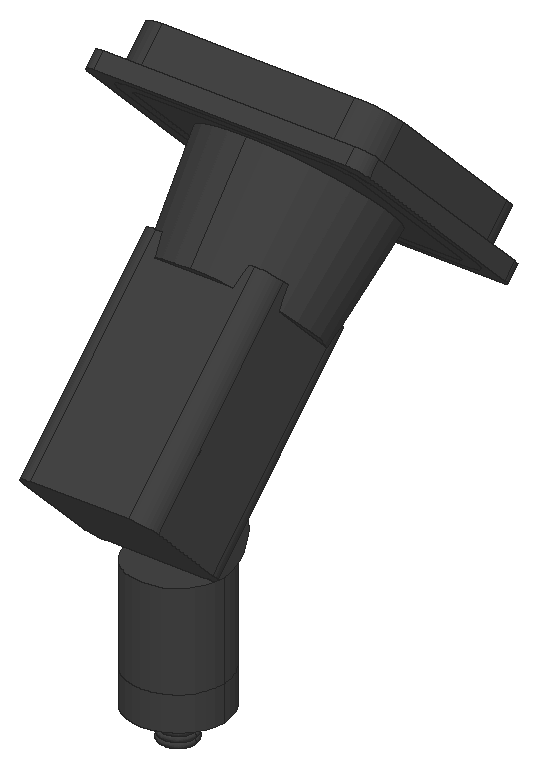
Revit family "KLVL206", category Lighting Fixtures, Revit 2021
Family settings
  Round Connector Dimension = Use Diameter
  Part Type = Normal
  OmniClass Number = 23.80.70.14
  OmniClass Title = Luminaries for External Lighting
  Work Plane-Based = Yes
  Always vertical = Yes
  Cut with Voids When Loaded = No
  Light Source = Yes
  Shared = No
  Room Calculation Point = No
Parameters (values of type "KLVL206BL")
  Width = 4.00"
  Wattage Comments = "default"
  Wattage = 9.2903 W
  built-in parameter 1150110 = 1 (stored number, unit not read)
  Voltage = 120 V
  URL = "https://www.currentlighting.com/kimlighting"
  Type Comments = "Light Fixture"  # constant formula
  built-in parameter 1114217 = 1 (stored number, unit not read)
  Tilt Angle = 0.00°
  built-in parameter 1150109 = 1 (stored number, unit not read)
  built-in parameter 1150134 = 3
  built-in parameter 1150113 = 1 (stored number, unit not read)
  Series = "Commercial outdoor Lighting"  # constant formula
  Radius = Diameter / 2  # 2.50"
  Product Page URL = ""
  Product Documentation Link = ""
  Power Factor = 1
  Photometric Web File = "klvl206-3l3k.ies"
  Photometric Notes = "More IES files download on Photometric Web Link"  # constant formula
  Number of Poles = 1
  Model = "Square Hood 12V"  # constant formula
  MasterFormat Title = "Landscape Lighting, Site Lighting, Walkway Lighting"  # constant formula
  Manufacturer = "Kim Lighting"  # constant formula
  built-in parameter 1150105 = 109.82 (stored number, unit not read)
  Lumens = 1380 lm
  built-in parameter 1150115 = 1 (stored number, unit not read)
  Load Classification = Lighting
  built-in parameter 1150137 = (empty or 0)
  built-in parameter 1150139 = (empty or 0)
  built-in parameter 1150112 = 1 (stored number, unit not read)
  built-in parameter 1150114 = 1 (stored number, unit not read)
  Lamp = "LED"  # constant formula
  built-in parameter 1150132 = (empty or 0)
  built-in parameter 1150102 = (empty or 0)
  built-in parameter 1150107 = 3200 (stored number, unit not read)
  built-in parameter 1150138 = (empty or 0)
  built-in parameter 1150106 = 1.0982 (stored number, unit not read)
  Height = 24.00"
  Glass = Glass-Temper Molded
  Finish = Powder Coat-Black
  Emit from Rectangle Width = 4.00"
  Emit from Rectangle Length = 4.00"
  Emit Shape Visible in Rendering = no
  built-in parameter 1150104 = 13.8 (stored number, unit not read)
  Dimming Lamp Color Temperature Shift = <None>
  Diameter = 5.00"  # constant formula
  Description = "The Square Hood Series has a unique swivel mount that provides superior aiming without loosening over time and is constructed out of die-cast aluminum with powder coat paint finish for excellent value and rugged service."  # constant formula
  Default Elevation = 48.00"
  Color Filter = 16777215
  built-in parameter 1114218 = 1 (stored number, unit not read)
  built-in parameter 1150133 = 10 (stored number, unit not read)
  Assembly Code = "D5020200"
  Apparent Load = 56 VA
Types (4): name | Finish
  (no name) | Powder Coat-Black
  KLVL206DB | Powder Coat-Dark Bronze
  KLVL206BL | Powder Coat-Black
  KLVL206GR | Paint - Green Textured
Reference planes (in)
  plane 1 "Light Source Axis (F/B)": y = 0
  plane 2: z = 0
  plane 3 "Light Source Axis (L/R)": x = 0
  plane 4 "Light Source Elevation": z = 37.62598
  plane 5: x = -2
  plane 6: x = 2
  plane 7: z = 7
Forms (in)
  Revolve 1, solid, material "Powder Coat-Black" <- "Finish"
    sketch origin (0, 0, 0) x (1, 0, 0) y (0, 0, 1)
      loop
        line (0, -0.5) -> (0.25, -0.5)
        arc (0.25, -0.5) -> (0.29558, -0.45442) -> (0.25, -0.40885) r 0.04558
        arc (0.25, -0.40885) -> (0.29558, -0.36327) -> (0.25, -0.3177) r 0.04558
        arc (0.25, -0.3177) -> (0.29558, -0.27212) -> (0.25, -0.22654) r 0.04558
        arc (0.25, -0.22654) -> (0.29558, -0.18097) -> (0.25, -0.13539) r 0.04558
        arc (0.25, -0.13539) -> (0.29558, -0.08982) -> (0.25, -0.04424) r 0.04558
        line (0.25, -0.04424) -> (0.25, 0) -> (0.76065, 0) -> (0.76065, 0.56638) -> (0.76065, 2.125) -> (0, 2.125) -> (0, -0.5)
      axis (0, 2.125) -> (0, -0.5)
    angle from 0 to 360
  Extrusion 2, solid, material "Powder Coat-Black" <- "Finish"
    sketch origin (0, 0, 0) x (0, 1, 0) y (0, 0, 1)
      loop
        circle (0, 2.62259) r 0.49759
    from -0.73316 to 0.75475
  Blend 3, solid, material "Powder Coat-Black" <- "Finish"
    base sketch origin (0, 2.4751, 6.64645) x (0, -0.707107, 0.707107) y (-1, 0, 0)
      loop
        circle (0, 0) r 1.5
    top sketch origin (0, 2.4751, 6.64645) x (0, -0.707107, 0.707107) y (-1, 0, 0)
      loop
        circle (0, 0) r 1.3
    from 0 to 1.8286
  Extrusion 4, solid, material "Powder Coat-Black" <- "Finish"
    sketch origin (0, 2.38671, 6.73483) x (0, -0.707107, 0.707107) y (-1, 0, 0)
      loop
        arc (1.37628, -2.05222) -> (1.72222, -1.88859) -> (1.85113, -1.52828) r 0.5
        line (1.85113, -1.52828) -> (1.69159, 1.7178)
        arc (1.69159, 1.7178) -> (1.52796, 2.06374) -> (1.16764, 2.19266) r 0.5
        line (1.16764, 2.19266) -> (-1.57904, 2.05765)
        arc (-1.57904, 2.05765) -> (-1.92498, 1.89403) -> (-2.05389, 1.53371) r 0.5
        line (-2.05389, 1.53371) -> (-1.89434, -1.71237)
        arc (-1.89434, -1.71237) -> (-1.73072, -2.05831) -> (-1.3704, -2.18722) r 0.5
        line (-1.3704, -2.18722) -> (1.37628, -2.05222)
      loop
        line (1.60144, -1.54055) -> (1.44189, 1.70553)
        arc (1.44189, 1.70553) -> (1.36007, 1.8785) -> (1.17992, 1.94296) r 0.25
        line (1.17992, 1.94296) -> (-1.56677, 1.80795)
        arc (-1.56677, 1.80795) -> (-1.73974, 1.72614) -> (-1.80419, 1.54598) r 0.25
        line (-1.80419, 1.54598) -> (-1.64465, -1.7001)
        arc (-1.64465, -1.7001) -> (-1.56283, -1.87307) -> (-1.38267, -1.93752) r 0.25
        line (-1.38267, -1.93752) -> (1.36401, -1.80252)
        arc (1.36401, -1.80252) -> (1.53698, -1.72071) -> (1.60144, -1.54055) r 0.25
    from -0.90248 to 0
  Extrusion 5, solid, material "Powder Coat-Black" <- "Finish"
    sketch origin (0, 2.4309, 6.69064) x (0, -0.707107, 0.707107) y (-1, 0, 0)
      loop
        line (1.09564, -0.77266) -> (1.01393, 0.88975)
        arc (1.01393, 0.88975) -> (0.91091, 1.10755) -> (0.68404, 1.18872) r 0.31481
        line (0.68404, 1.18872) -> (-0.89274, 1.11122)
        arc (-0.89274, 1.11122) -> (-1.07498, 1.02502) -> (-1.14289, 0.8352) r 0.26341
        line (-1.14289, 0.8352) -> (-1.06354, -0.77937)
        arc (-1.06354, -0.77937) -> (-0.93264, -1.05612) -> (-0.64438, -1.15925) r 0.4
        line (-0.64438, -1.15925) -> (0.81006, -1.08776)
        arc (0.81006, -1.08776) -> (1.01811, -0.98936) -> (1.09564, -0.77266) r 0.3007
    from 1.48177 to 5.11743
  Extrusion 6, solid, material "Powder Coat-Black" <- "Finish"
    sketch origin (-0.01386, 2.43201, 6.68954) x (0, -0.707107, 0.707107) y (-1, 0, 0)
      loop
        arc (1.90953, 2.22151) -> (1.82771, 2.39448) -> (1.64755, 2.45894) r 0.25
        line (1.64755, 2.45894) -> (-1.9598, 2.28164)
        arc (-1.9598, 2.28164) -> (-2.13277, 2.19982) -> (-2.19722, 2.01966) r 0.25
        line (-2.19722, 2.01966) -> (-1.98933, -2.21004)
        arc (-1.98933, -2.21004) -> (-1.90752, -2.38301) -> (-1.72736, -2.44746) r 0.25
        line (-1.72736, -2.44746) -> (1.87999, -2.27016)
        arc (1.87999, -2.27016) -> (2.05296, -2.18835) -> (2.11742, -2.00819) r 0.25
        line (2.11742, -2.00819) -> (1.90953, 2.22151)
    from -0.27629 to 0
Cuts and joins
  joined: Blend 3, Extrusion 5
Dimensions and locks (in)
  equal spacing: plane 6, plane 3 "Light Source Axis (L/R)", plane 5
  "Width": plane 6 to plane 5
  plane 7 to plane 2 = 7.00"
  aligned and locked: imposter light to Extrusion 4
Automatic sketch dimensions
  Revolve 1 sketch curve to plane 3 "Light Source Axis (L/R)" = 0.00"  (x2)
  Revolve 1 sketch curve to level = 0.00"
  plane 3 "Light Source Axis (L/R)" to Revolve 1 sketch curve = 0.25"
  Revolve 1 sketch curve to Revolve 1 sketch curve = 0.00"  (x7)
  plane 3 "Light Source Axis (L/R)" to Revolve 1 sketch curve = 0.76065"
  Revolve 1 sketch curve to level = 0.04424"
  Revolve 1 sketch curve to Revolve 1 sketch curve = 0.04558"  (x3)
  Revolve 1 sketch curve to Revolve 1 sketch curve = 0.09115"  (x3)
  Revolve 1 sketch curve to Revolve 1 sketch curve = 0.56638"
  Revolve 1 sketch curve to Revolve 1 sketch curve = 1.55862"
  Revolve 1 sketch curve to Revolve 1 sketch curve = 18.55686"
  Revolve 1 sketch curve to plane 4 "Light Source Elevation" = 30.53725"
  Extrusion 2 sketch curve to plane 1 "Light Source Axis (F/B)" = 0.00"
  level to Extrusion 2 sketch curve = 2.62259"
  Extrusion 4 sketch curve to Extrusion 4 sketch curve = 0.15955"
  Extrusion 4 sketch curve to Extrusion 4 sketch curve = 0.47485"
  Extrusion 4 sketch curve to Extrusion 4 sketch curve = 0.4994"  (x4)
  Extrusion 4 sketch curve to Extrusion 4 sketch curve = 0.02455"  (x3)
  Extrusion 4 sketch curve to Extrusion 4 sketch curve = 2.74668"  (x2)
  Extrusion 4 sketch curve to Extrusion 4 sketch curve = 0.00"  (x16)
  Extrusion 4 sketch curve to Extrusion 4 sketch curve = 0.2497"  (x6)
  Extrusion 4 sketch curve to Extrusion 4 sketch curve = 0.01227"  (x7)
  Extrusion 5 sketch curve to Extrusion 5 sketch curve = 0.07936"
  Extrusion 5 sketch curve to Extrusion 5 sketch curve = 0.25016"
  Extrusion 5 sketch curve to Extrusion 5 sketch curve = 0.26309"
  Extrusion 5 sketch curve to Extrusion 5 sketch curve = 0.39952"
  Extrusion 5 sketch curve to Extrusion 5 sketch curve = 0.01964"  (x2)
  Extrusion 5 sketch curve to Extrusion 5 sketch curve = 1.57678"
  Extrusion 5 sketch curve to Extrusion 5 sketch curve = 0.01545"  (x2)
  Extrusion 5 sketch curve to Extrusion 5 sketch curve = 1.45932"
  Extrusion 5 sketch curve to Extrusion 5 sketch curve = 0.01476"  (x2)
  Extrusion 5 sketch curve to Extrusion 5 sketch curve = 0.31443"
  Extrusion 5 sketch curve to Extrusion 5 sketch curve = 0.30034"
  Blend 3 sketch curve to Blend 3 sketch curve = 0.00"  (x4)
  Blend 3 sketch curve to plane 3 "Light Source Axis (L/R)" = 0.00"  (x2)
  Blend 3 sketch curve to Blend 3 sketch curve = 1.50"
  Blend 3 sketch curve to Blend 3 sketch curve = 1.30"
  plane 5 to Extrusion 4 sketch curve = 0.46629"
  plane 5 to Extrusion 4 sketch curve = 0.19205"
  Extrusion 4 sketch curve to plane 6 = 0.06248"
  plane 5 to Extrusion 4 sketch curve = 0.29447"
  Extrusion 4 sketch curve to plane 6 = 0.45945"
  plane 6 to Extrusion 4 sketch curve = 0.05222"
  Extrusion 4 sketch curve to plane 6 = 0.28763"
  Extrusion 5 sketch curve to plane 3 "Light Source Axis (L/R)" = 0.8352"
  plane 3 "Light Source Axis (L/R)" to Extrusion 5 sketch curve = 0.75973"
  plane 3 "Light Source Axis (L/R)" to Extrusion 5 sketch curve = 0.77266"
  Extrusion 5 sketch curve to Extrusion 5 sketch curve = 0.01293"
  Extrusion 5 sketch curve to plane 3 "Light Source Axis (L/R)" = 0.87429"
  Extrusion 6 sketch curve to plane 5 = 0.03353"
  plane 6 to Extrusion 6 sketch curve = 0.19618"
  Extrusion 6 sketch curve to Extrusion 6 sketch curve = 0.20789"
  Extrusion 6 sketch curve to plane 5 = 0.2955"
  Extrusion 6 sketch curve to Extrusion 6 sketch curve = 0.23743"
  Extrusion 6 sketch curve to Extrusion 6 sketch curve = 0.01227"  (x4)
  Extrusion 6 sketch curve to Extrusion 6 sketch curve = 0.2497"  (x2)
  plane 6 to Extrusion 6 sketch curve = 0.4336"
  Extrusion 6 sketch curve to plane 5 = 0.4728"
  Extrusion 6 sketch curve to Extrusion 6 sketch curve = 3.60735"  (x2)
  plane 6 to Extrusion 6 sketch curve = 0.0066"
  plane 6 to Extrusion 6 sketch curve = 0.2563"
  Extrusion 6 sketch curve to plane 6 = 0.00567"
  Extrusion 6 sketch curve to plane 5 = 0.23538"
  radius of Extrusion 2 sketch curve = 0.49759"
Nested families (in)
  nested 1: "Notation" at (0, 4.62623, 0), type "Notation"
Connectors (in)
  electrical at (0, 0, 2.125), driven by "Voltage", driven by "Apparent Load", driven by "Power Factor"
    settings: on Revolve 1, index 1, voltage 120 V, apparent load 56 VA, apparent load phase1 0 VA, apparent load phase2 0 VA, apparent load phase3 0 VA, power factor 1, load classification "Other", number of poles 1, system type 30, power factor state 1, is connector primary yes, connector utility no, sub classification motor no, connector description "Lighting Connector"
Definition of nested family "Notation"
  Parameters
    Notation = "LF"
  Reference planes (in)
    plane 1: y = 0
    plane 2: x = 0
  Text (in)
    label "Notation" at (0.02149, 0.07192, 0), shows "Notation"
